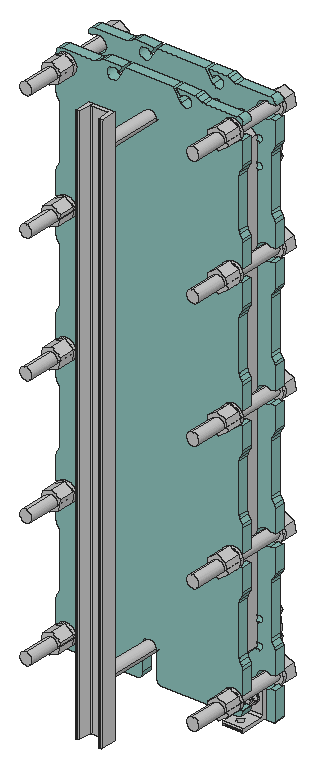
Revit family "Ekin_Endüstriyel - MIT535", category Specialty Equipment, Revit 2022 (continued)
Automatic sketch dimensions
  plane 3 "Center (Left/Right)" to Extrusion 3 sketch curve = 27.00 mm  (x2)
  Extrusion 3 sketch curve to Extrusion 3 sketch curve = 3.00 mm  (x5)
  Extrusion 3 sketch curve to Extrusion 3 sketch curve = 3.087 mm  (x2)
  Extrusion 3 sketch curve to Extrusion 3 sketch curve = 7.00 mm  (x4)
  Extrusion 3 sketch curve to Extrusion 3 sketch curve = 4.513 mm  (x4)
  Extrusion 3 sketch curve to Extrusion 3 sketch curve = 1.805 mm  (x4)
  Extrusion 3 sketch curve to plane 3 "Center (Left/Right)" = 15.195 mm  (x2)
  Extrusion 3 sketch curve to Extrusion 3 sketch curve = 1.205 mm
  Extrusion 3 sketch curve to plane 3 "Center (Left/Right)" = 16.40 mm
  Extrusion 3 sketch curve to Extrusion 3 sketch curve = 98.087 mm  (x2)
  level to Extrusion 3 sketch curve = 123.00 mm
  Extrusion 3 sketch curve to Extrusion 3 sketch curve = 2.00 mm  (x2)
  Extrusion 3 sketch curve to Extrusion 3 sketch curve = 11.986 mm  (x4)
  Extrusion 3 sketch curve to Extrusion 3 sketch curve = 2.153 mm
  Extrusion 3 sketch curve to Extrusion 3 sketch curve = 65.00 mm  (x2)
  Extrusion 3 sketch curve to Extrusion 3 sketch curve = 1070.00 mm
  Extrusion 3 sketch curve to Extrusion 3 sketch curve = 35.00 mm  (x2)
  Extrusion 3 sketch curve to Extrusion 3 sketch curve = 40.00 mm
  Extrusion 3 sketch curve to Extrusion 3 sketch curve = 5.00 mm  (x2)
  Extrusion 3 sketch curve to Extrusion 3 sketch curve = 0.861 mm  (x2)
  Extrusion 3 sketch curve to Extrusion 3 sketch curve = 21.00 mm  (x2)
  Extrusion 3 sketch curve to Extrusion 3 sketch curve = 44.00 mm  (x2)
  Extrusion 4 sketch curve to Extrusion 4 sketch curve = 0.00 mm  (x4)
  Extrusion 4 sketch curve to plane 3 "Center (Left/Right)" = 0.00 mm  (x2)
  level to Extrusion 4 sketch curve = 132.00 mm
  Extrusion 4 sketch curve to Extrusion 4 sketch curve = 1182.00 mm
  Extrusion 4 sketch curve to Extrusion 4 sketch curve = 15.00 mm  (x2)
  level to Extrusion 6 sketch curve = 44.072 mm  (x2)
  Extrusion 6 sketch curve to plane 3 "Center (Left/Right)" = 196.904 mm
  level to Extrusion 6 sketch curve = 57.01 mm  (x2)
  Extrusion 6 sketch curve to Extrusion 6 sketch curve = 6.398 mm
  level to Extrusion 6 sketch curve = 32.062 mm  (x2)
  Extrusion 6 sketch curve to Extrusion 6 sketch curve = 8.006 mm  (x2)
  level to Extrusion 6 sketch curve = 57.938 mm  (x2)
  Extrusion 6 sketch curve to Extrusion 6 sketch curve = 14.404 mm  (x2)
  level to Extrusion 6 sketch curve = 32.99 mm  (x2)
  Extrusion 6 sketch curve to Extrusion 6 sketch curve = 14.403 mm  (x2)
  level to Extrusion 6 sketch curve = 45.929 mm  (x2)
  Extrusion 6 sketch curve to Extrusion 6 sketch curve = 8.005 mm  (x2)
  plane 3 "Center (Left/Right)" to Extrusion 6 sketch curve = 168.097 mm
  Extrusion 6 sketch curve to Extrusion 6 sketch curve = 6.399 mm
  Extrusion 7 sketch curve to Extrusion 7 sketch curve = 0.00 mm  (x4)
  level to Extrusion 7 sketch curve = 44.999 mm  (x2)
  Extrusion 7 sketch curve to plane 3 "Center (Left/Right)" = 182.524 mm
  plane 3 "Center (Left/Right)" to Extrusion 7 sketch curve = 182.524 mm
  Extrusion 7 sketch curve to Extrusion 7 sketch curve = 0.115 mm  (x4)
  Extrusion 7 sketch curve to Extrusion 7 sketch curve = 15.00 mm  (x2)
  Extrusion 8 sketch curve to Extrusion 8 sketch curve = 0.00 mm  (x4)
  level to Extrusion 8 sketch curve = 45.00 mm  (x2)
  Extrusion 8 sketch curve to plane 3 "Center (Left/Right)" = 182.50 mm
  plane 3 "Center (Left/Right)" to Extrusion 8 sketch curve = 182.50 mm
  Extrusion 8 sketch curve to Extrusion 8 sketch curve = 4.437 mm  (x4)
  Extrusion 8 sketch curve to Extrusion 8 sketch curve = 6.657 mm  (x2)
  level to Extrusion 9 sketch curve = 45.929 mm
  plane 3 "Center (Left/Right)" to Extrusion 9 sketch curve = 168.097 mm
  level to Extrusion 9 sketch curve = 32.99 mm
  Extrusion 9 sketch curve to Extrusion 9 sketch curve = 6.398 mm
  level to Extrusion 9 sketch curve = 57.939 mm
  Extrusion 9 sketch curve to Extrusion 9 sketch curve = 8.006 mm  (x2)
  level to Extrusion 9 sketch curve = 32.063 mm
  Extrusion 9 sketch curve to Extrusion 9 sketch curve = 14.404 mm  (x2)
  level to Extrusion 9 sketch curve = 57.011 mm
  level to Extrusion 9 sketch curve = 44.073 mm
  Extrusion 10 sketch curve to Extrusion 10 sketch curve = 0.00 mm  (x71)
  Extrusion 10 sketch curve to plane 3 "Center (Left/Right)" = 192.912 mm  (x2)
  Extrusion 10 sketch curve to Extrusion 10 sketch curve = 43.296 mm  (x28)
  Extrusion 10 sketch curve to Extrusion 10 sketch curve = 61.229 mm  (x16)
  Extrusion 10 sketch curve to plane 3 "Center (Left/Right)" = 45.091 mm  (x4)
  plane 3 "Center (Left/Right)" to Extrusion 10 sketch curve = 45.09 mm  (x4)
  level to Extrusion 10 sketch curve = 114.09 mm  (x2)
  Extrusion 10 sketch curve to Extrusion 10 sketch curve = 922.179 mm
  Extrusion 10 sketch curve to Extrusion 10 sketch curve = 10.607 mm  (x48)
  Extrusion 10 sketch curve to Extrusion 10 sketch curve = 15.00 mm  (x16)
  Extrusion 11 sketch curve to plane 3 "Center (Left/Right)" = 207.346 mm  (x2)
  Extrusion 11 sketch curve to Extrusion 11 sketch curve = 0.492 mm  (x2)
  Extrusion 11 sketch curve to Extrusion 11 sketch curve = 3.736 mm  (x57)
  Extrusion 11 sketch curve to Extrusion 11 sketch curve = 7.217 mm  (x48)
  Extrusion 11 sketch curve to Extrusion 11 sketch curve = 10.206 mm  (x39)
  Extrusion 11 sketch curve to Extrusion 11 sketch curve = 13.942 mm  (x64)
  Extrusion 11 sketch curve to Extrusion 11 sketch curve = 14.434 mm  (x32)
  Extrusion 11 sketch curve to Extrusion 11 sketch curve = 22.137 mm  (x12)
  Extrusion 11 sketch curve to Extrusion 11 sketch curve = 27.06 mm  (x4)
  Extrusion 11 sketch curve to Extrusion 11 sketch curve = 12.50 mm  (x48)
  Extrusion 11 sketch curve to Extrusion 11 sketch curve = 33.345 mm  (x4)
  Extrusion 11 sketch curve to Extrusion 11 sketch curve = 36.229 mm  (x4)
  Extrusion 11 sketch curve to Extrusion 11 sketch curve = 25.126 mm  (x4)
  Extrusion 11 sketch curve to Extrusion 11 sketch curve = 16.854 mm  (x12)
  plane 3 "Center (Left/Right)" to Extrusion 11 sketch curve = 30.656 mm  (x2)
  plane 3 "Center (Left/Right)" to Extrusion 11 sketch curve = 31.148 mm  (x2)
  level to Extrusion 11 sketch curve = 99.656 mm  (x2)
  Extrusion 11 sketch curve to Extrusion 11 sketch curve = 0.00 mm  (x5)
  Extrusion 11 sketch curve to Extrusion 11 sketch curve = 34.787 mm  (x8)
  Extrusion 11 sketch curve to Extrusion 11 sketch curve = 893.804 mm
  Extrusion 12 sketch curve to Extrusion 12 sketch curve = 0.00 mm  (x4)
  Extrusion 12 sketch curve to plane 3 "Center (Left/Right)" = 0.00 mm  (x2)
  level to Extrusion 12 sketch curve = 132.00 mm
  Extrusion 12 sketch curve to Extrusion 12 sketch curve = 1182.00 mm
  Extrusion 12 sketch curve to plane 3 "Center (Left/Right)" = 9.00 mm  (x2)
  Extrusion 13 sketch curve to plane 8 "3" = 0.00 mm
  Extrusion 13 sketch curve to plane 3 "Center (Left/Right)" = 32.501 mm
  Extrusion 13 sketch curve to Extrusion 13 sketch curve = 3.00 mm  (x3)
  Extrusion 13 sketch curve to Extrusion 13 sketch curve = 1.794 mm  (x2)
  Extrusion 13 sketch curve to Extrusion 13 sketch curve = 2.984 mm  (x2)
  Extrusion 13 sketch curve to plane 8 "3" = 6.00 mm
  Extrusion 13 sketch curve to Extrusion 13 sketch curve = 13.716 mm
  Extrusion 13 sketch curve to plane 8 "3" = 9.00 mm
  plane 3 "Center (Left/Right)" to Extrusion 13 sketch curve = 18.785 mm
  Extrusion 13 sketch curve to plane 8 "3" = 8.622 mm
  plane 3 "Center (Left/Right)" to Extrusion 13 sketch curve = 24.721 mm
  Extrusion 13 sketch curve to Extrusion 13 sketch curve = 31.00 mm
  Extrusion 13 sketch curve to Extrusion 13 sketch curve = 0.00 mm  (x2)
  Extrusion 13 sketch curve to plane 8 "3" = 8.692 mm
  Extrusion 13 sketch curve to Extrusion 13 sketch curve = 2.985 mm
  Extrusion 13 sketch curve to Extrusion 13 sketch curve = 0.001 mm
  Extrusion 14 sketch curve to Extrusion 14 sketch curve = 0.00 mm  (x20)
  Extrusion 14 sketch curve to plane 3 "Center (Left/Right)" = 207.50 mm  (x5)
  level to Extrusion 14 sketch curve = 88.00 mm  (x2)
  plane 3 "Center (Left/Right)" to Extrusion 14 sketch curve = 207.50 mm  (x5)
  Extrusion 14 sketch curve to Extrusion 14 sketch curve = 317.50 mm  (x8)
  Extrusion 14 sketch curve to Extrusion 14 sketch curve = 1.233 mm  (x20)
  Extrusion 14 sketch curve to Extrusion 14 sketch curve = 24.97 mm  (x10)
  Extrusion 15 sketch curve to Extrusion 2 = 0.832 mm  (x10)
  Extrusion 2 to Extrusion 15 sketch curve = 0.467 mm  (x20)
  Extrusion 15 sketch curve to Extrusion 2 = 4.00 mm  (x10)
  Extrusion 15 sketch curve to Extrusion 2 = 11.832 mm  (x10)
  Extrusion 15 sketch curve to Extrusion 2 = 18.168 mm  (x10)
  Extrusion 15 sketch curve to Extrusion 2 = 5.922 mm  (x2)
  Extrusion 15 sketch curve to Extrusion 15 sketch curve = 24.168 mm  (x5)
  Extrusion 2 to Extrusion 15 sketch curve = 5.955 mm  (x20)
  Extrusion 15 sketch curve to Extrusion 15 sketch curve = 21.00 mm  (x4)
  Extrusion 15 sketch curve to Extrusion 15 sketch curve = 3.168 mm  (x6)
  Extrusion 15 sketch curve to Extrusion 2 = 39.168 mm  (x5)
  Extrusion 15 sketch curve to Extrusion 2 = 6.922 mm  (x2)
  Extrusion 15 sketch curve to Extrusion 2 = 9.828 mm  (x16)
  Extrusion 16 sketch curve to Extrusion 16 sketch curve = 0.00 mm  (x20)
  Extrusion 16 sketch curve to Extrusion 2 = 15.00 mm  (x10)
  Extrusion 2 to Extrusion 16 sketch curve = 16.25 mm  (x10)
  Extrusion 16 sketch curve to Extrusion 2 = 13.767 mm  (x9)
  Extrusion 16 sketch curve to Extrusion 2 = 16.232 mm  (x10)
  Extrusion 16 sketch curve to Extrusion 2 = 7.03 mm  (x2)
  Extrusion 16 sketch curve to Extrusion 2 = 8.72 mm  (x7)
  Extrusion 16 sketch curve to Extrusion 2 = 8.031 mm
  Extrusion 16 sketch curve to Extrusion 2 = 8.03 mm
  Extrusion 17 sketch curve to plane 3 "Center (Left/Right)" = 231.668 mm  (x5)
  level to Extrusion 17 sketch curve = 77.705 mm  (x2)
  Extrusion 17 sketch curve to Extrusion 17 sketch curve = 3.168 mm  (x15)
  level to Extrusion 17 sketch curve = 103.783 mm  (x2)
  Extrusion 17 sketch curve to Extrusion 17 sketch curve = 21.00 mm  (x15)
  level to Extrusion 17 sketch curve = 61.922 mm  (x2)
  Extrusion 17 sketch curve to Extrusion 17 sketch curve = 24.168 mm  (x20)
  level to Extrusion 17 sketch curve = 72.217 mm  (x2)
  plane 3 "Center (Left/Right)" to Extrusion 17 sketch curve = 183.332 mm  (x5)
  Extrusion 17 sketch curve to Extrusion 17 sketch curve = 26.078 mm  (x18)
  Extrusion 17 sketch curve to Extrusion 17 sketch curve = 10.295 mm  (x14)
  Extrusion 17 sketch curve to Extrusion 17 sketch curve = 265.345 mm  (x8)
  Extrusion 17 sketch curve to Extrusion 17 sketch curve = 15.783 mm  (x12)
  Extrusion 19 sketch curve to Extrusion 19 sketch curve = 0.00 mm  (x107)
  Extrusion 19 sketch curve to plane 3 "Center (Left/Right)" = 192.91 mm  (x2)
  Extrusion 19 sketch curve to Extrusion 19 sketch curve = 43.296 mm  (x24)
  Extrusion 19 sketch curve to Extrusion 19 sketch curve = 30.615 mm  (x7)
  Extrusion 19 sketch curve to Extrusion 19 sketch curve = 61.229 mm  (x16)
  Extrusion 19 sketch curve to plane 3 "Center (Left/Right)" = 45.09 mm  (x4)
  plane 3 "Center (Left/Right)" to Extrusion 19 sketch curve = 45.09 mm  (x4)
  level to Extrusion 19 sketch curve = 114.09 mm  (x2)
  Extrusion 19 sketch curve to Extrusion 19 sketch curve = 73.91 mm
  Extrusion 19 sketch curve to Extrusion 19 sketch curve = 922.179 mm
  Extrusion 19 sketch curve to Extrusion 19 sketch curve = 6.364 mm  (x24)
  Extrusion 19 sketch curve to Extrusion 19 sketch curve = 13.099 mm  (x2)
  Extrusion 19 sketch curve to Extrusion 19 sketch curve = 9.00 mm  (x16)
  Extrusion 19 sketch curve to Extrusion 19 sketch curve = 1.382 mm  (x8)
  Extrusion 19 sketch curve to Extrusion 19 sketch curve = 27.56 mm  (x2)
  Extrusion 19 sketch curve to Extrusion 19 sketch curve = 36.56 mm  (x4)
  Extrusion 19 sketch curve to Extrusion 19 sketch curve = 2.265 mm  (x4)
  Extrusion 19 sketch curve to Extrusion 19 sketch curve = 32.914 mm  (x4)
  plane 3 "Center (Left/Right)" to Extrusion 20 sketch curve = 182.50 mm
  Extrusion 20 sketch curve to Extrusion 20 sketch curve = 25.00 mm  (x2)
  Extrusion 20 sketch curve to plane 3 "Center (Left/Right)" = 157.50 mm
  Extrusion 20 sketch curve to Extrusion 20 sketch curve = 9.00 mm  (x2)
  Extrusion 21 sketch curve to Extrusion 21 sketch curve = 0.00 mm  (x15)
  Extrusion 21 sketch curve to level = 0.00 mm  (x2)
  Extrusion 21 sketch curve to plane 4 = 1392.50 mm
  Extrusion 21 sketch curve to Extrusion 21 sketch curve = 15.00 mm
  Extrusion 21 sketch curve to plane 4 = 1367.50 mm
  Extrusion 21 sketch curve to Extrusion 21 sketch curve = 10.00 mm  (x3)
  Extrusion 21 sketch curve to Extrusion 21 sketch curve = 25.00 mm  (x2)
  Extrusion 21 sketch curve to Extrusion 21 sketch curve = 73.93 mm
  Extrusion 21 sketch curve to Extrusion 21 sketch curve = 50.00 mm  (x2)
  Extrusion 21 sketch curve to Extrusion 21 sketch curve = 14.571 mm
  Extrusion 21 sketch curve to Extrusion 21 sketch curve = 88.50 mm
  Extrusion 21 sketch curve to Extrusion 21 sketch curve = 17.321 mm  (x2)
  Extrusion 21 sketch curve to Extrusion 21 sketch curve = 33.50 mm
  Extrusion 21 sketch curve to Extrusion 21 sketch curve = 26.25 mm  (x2)
  Extrusion 21 sketch curve to Extrusion 21 sketch curve = 99.00 mm
  Extrusion 21 sketch curve to Extrusion 21 sketch curve = 90.00 mm
  Extrusion 21 sketch curve to plane 4 = 1070.00 mm
  Extrusion 21 sketch curve to plane 4 = 1061.00 mm
  Extrusion 21 sketch curve to plane 4 = 1041.00 mm  (x2)
  Extrusion 21 sketch curve to plane 4 = 1027.50 mm
  Extrusion 21 sketch curve to plane 4 = 977.50 mm
  Extrusion 21 sketch curve to plane 4 = 952.50 mm  (x5)
  level to Extrusion 21 sketch curve = 27.50 mm  (x2)
  level to Extrusion 21 sketch curve = 45.00 mm  (x2)
  Extrusion 21 sketch curve to Extrusion 21 sketch curve = 27.50 mm  (x2)
  Extrusion 21 sketch curve to Extrusion 21 sketch curve = 43.00 mm  (x2)
  Extrusion 21 sketch curve to Extrusion 21 sketch curve = 77.00 mm
  Extrusion 21 sketch curve to Extrusion 21 sketch curve = 56.00 mm  (x3)
  Extrusion 21 sketch curve to Extrusion 21 sketch curve = 217.50 mm  (x3)
  Extrusion 21 sketch curve to Extrusion 21 sketch curve = 317.50 mm  (x4)
  Extrusion 21 sketch curve to Extrusion 21 sketch curve = 100.00 mm  (x2)
  Extrusion 21 sketch curve to Extrusion 21 sketch curve = 17.00 mm  (x2)
  Extrusion 21 sketch curve to Extrusion 21 sketch curve = 12.50 mm  (x2)
  Extrusion 21 sketch curve to Extrusion 21 sketch curve = 40.00 mm  (x4)
  Extrusion 21 sketch curve to Extrusion 21 sketch curve = 6.25 mm  (x2)
  Extrusion 22 sketch curve to Extrusion 22 sketch curve = 0.00 mm  (x28)
  Extrusion 22 sketch curve to plane 4 = 927.50 mm
  Extrusion 22 sketch curve to Extrusion 22 sketch curve = 15.00 mm  (x5)
  Extrusion 22 sketch curve to plane 4 = 952.50 mm  (x3)
  Extrusion 22 sketch curve to Extrusion 22 sketch curve = 25.00 mm
  Extrusion 22 sketch curve to Extrusion 22 sketch curve = 10.00 mm  (x3)
  Extrusion 22 sketch curve to plane 4 = 1026.429 mm
  Extrusion 22 sketch curve to Extrusion 22 sketch curve = 17.321 mm  (x2)
  Extrusion 22 sketch curve to Extrusion 22 sketch curve = 26.25 mm  (x2)
  Extrusion 22 sketch curve to plane 4 = 1159.961 mm
  Extrusion 22 sketch curve to Extrusion 22 sketch curve = 90.00 mm  (x2)
  Extrusion 22 sketch curve to Extrusion 22 sketch curve = 207.50 mm
  level to Extrusion 22 sketch curve = 88.00 mm  (x2)
  Extrusion 22 sketch curve to Extrusion 22 sketch curve = 207.539 mm
  Extrusion 22 sketch curve to Extrusion 22 sketch curve = 73.93 mm
  Extrusion 22 sketch curve to Extrusion 22 sketch curve = 33.00 mm  (x2)
  level to Extrusion 22 sketch curve = 133.013 mm
  Extrusion 22 sketch curve to Extrusion 22 sketch curve = 317.50 mm  (x6)
  Extrusion 22 sketch curve to Extrusion 22 sketch curve = 273.50 mm
  Extrusion 22 sketch curve to Extrusion 22 sketch curve = 44.00 mm  (x2)
  Extrusion 22 sketch curve to Extrusion 22 sketch curve = 16.944 mm  (x2)
  Extrusion 22 sketch curve to Extrusion 22 sketch curve = 0.056 mm  (x2)
  Extrusion 22 sketch curve to Extrusion 22 sketch curve = 12.50 mm  (x2)
  Extrusion 22 sketch curve to Extrusion 22 sketch curve = 21.00 mm  (x9)
  Extrusion 22 sketch curve to Extrusion 22 sketch curve = 4.00 mm
  Extrusion 23 sketch curve to plane 4 = 975.00 mm
  Extrusion 23 sketch curve to plane 4 = 1005.00 mm  (x2)
  Extrusion 23 sketch curve to Extrusion 23 sketch curve = 128.00 mm  (x4)
  Extrusion 23 sketch curve to Extrusion 23 sketch curve = 2.675 mm  (x2)
  Extrusion 23 sketch curve to Extrusion 23 sketch curve = 13.17 mm  (x4)
  Extrusion 23 sketch curve to Extrusion 23 sketch curve = 27.66 mm  (x2)
  Extrusion 23 sketch curve to Extrusion 23 sketch curve = 10.495 mm  (x2)
  level to Extrusion 23 sketch curve = 153.00 mm  (x2)
  Extrusion 23 sketch curve to Extrusion 23 sketch curve = 30.00 mm  (x2)
  level to Extrusion 23 sketch curve = 148.00 mm
  Extrusion 23 sketch curve to Extrusion 23 sketch curve = 22.00 mm  (x4)
  Extrusion 23 sketch curve to Extrusion 23 sketch curve = 3.00 mm  (x3)
  Extrusion 23 sketch curve to Extrusion 23 sketch curve = 1140.00 mm
  Extrusion 23 sketch curve to Extrusion 23 sketch curve = 0.00 mm
  Extrusion 23 sketch curve to Extrusion 23 sketch curve = 5.00 mm
  Extrusion 24 sketch curve to Extrusion 24 sketch curve = 0.00 mm  (x49)
  Extrusion 24 sketch curve to plane 4 = 1279.00 mm  (x2)
  Extrusion 24 sketch curve to plane 4 = 1041.00 mm  (x2)
  level to Extrusion 24 sketch curve = 188.00 mm  (x2)
  Extrusion 24 sketch curve to Extrusion 24 sketch curve = 1070.00 mm
  Extrusion 24 sketch curve to Extrusion 24 sketch curve = 31.997 mm  (x10)
  Extrusion 24 sketch curve to Extrusion 24 sketch curve = 35.179 mm  (x6)
  Extrusion 24 sketch curve to Extrusion 24 sketch curve = 67.175 mm  (x4)
  Extrusion 24 sketch curve to plane 4 = 1009.003 mm  (x2)
  Extrusion 24 sketch curve to plane 4 = 973.825 mm  (x2)
  plane 5 to Extrusion 25 sketch curve = 767.50 mm
  plane 5 to Extrusion 25 sketch curve = 792.50 mm  (x3)
  Extrusion 25 sketch curve to Extrusion 25 sketch curve = 25.00 mm  (x5)
  Extrusion 25 sketch curve to Extrusion 25 sketch curve = 142.50 mm
  plane 5 to Extrusion 25 sketch curve = 1000.00 mm  (x2)
  plane 5 to Extrusion 25 sketch curve = 1090.00 mm
  plane 5 to Extrusion 25 sketch curve = 1207.50 mm  (x3)
  Extrusion 25 sketch curve to Extrusion 25 sketch curve = 50.00 mm
  level to Extrusion 25 sketch curve = 45.00 mm  (x2)
  Extrusion 25 sketch curve to Extrusion 25 sketch curve = 43.00 mm  (x2)
  Extrusion 25 sketch curve to Extrusion 25 sketch curve = 317.50 mm  (x6)
  Extrusion 25 sketch curve to Extrusion 25 sketch curve = 42.00 mm  (x2)
  Extrusion 25 sketch curve to Extrusion 25 sketch curve = 6.25 mm  (x2)
  level to Extrusion 26 sketch curve = 55.00 mm
  plane 5 to Extrusion 26 sketch curve = 1232.50 mm
  plane 5 to Extrusion 26 sketch curve = 1207.50 mm  (x3)
  Extrusion 26 sketch curve to Extrusion 26 sketch curve = 25.00 mm  (x2)
  Extrusion 26 sketch curve to Extrusion 26 sketch curve = 142.50 mm
  plane 5 to Extrusion 26 sketch curve = 1000.039 mm
  plane 5 to Extrusion 26 sketch curve = 1000.00 mm
  plane 5 to Extrusion 26 sketch curve = 910.00 mm
  plane 5 to Extrusion 26 sketch curve = 792.50 mm  (x4)
  level to Extrusion 26 sketch curve = 88.00 mm
  Extrusion 26 sketch curve to Extrusion 26 sketch curve = 33.00 mm  (x2)
  level to Extrusion 26 sketch curve = 133.013 mm
  Extrusion 26 sketch curve to Extrusion 26 sketch curve = 317.50 mm  (x6)
  Extrusion 26 sketch curve to Extrusion 26 sketch curve = 273.50 mm
  Extrusion 26 sketch curve to Extrusion 26 sketch curve = 44.00 mm
  Extrusion 26 sketch curve to Extrusion 26 sketch curve = 42.00 mm  (x2)
  Extrusion 26 sketch curve to Extrusion 26 sketch curve = 21.00 mm  (x9)
  Extrusion 26 sketch curve to Extrusion 26 sketch curve = 15.00 mm  (x2)
  plane 5 to Extrusion 26 sketch curve = 1015.00 mm
  plane 5 to Extrusion 27 sketch curve = 1185.00 mm
  plane 5 to Extrusion 27 sketch curve = 1027.00 mm  (x2)
  plane 5 to Extrusion 27 sketch curve = 973.00 mm  (x2)
  Extrusion 27 sketch curve to Extrusion 27 sketch curve = 158.00 mm
  Extrusion 27 sketch curve to Extrusion 27 sketch curve = 0.00 mm  (x2)
  Extrusion 28 sketch curve to Extrusion 28 sketch curve = 0.00 mm  (x7)
  plane 5 to Extrusion 28 sketch curve = 1051.825 mm  (x2)
  Extrusion 28 sketch curve to Extrusion 28 sketch curve = 67.175 mm  (x11)
  Extrusion 25 sketch curve to Extrusion 25 sketch curve = 273.50 mm
  Extrusion 25 sketch curve to level = 0.00 mm
  level to Extrusion 25 sketch curve = 132.00 mm
  Extrusion 25 sketch curve to Extrusion 25 sketch curve = 44.00 mm
  plane 5 to Extrusion 25 sketch curve = 1182.50 mm
  Extrusion 25 sketch curve to Extrusion 25 sketch curve = 63.50 mm
  Extrusion 25 sketch curve to Extrusion 25 sketch curve = 22.50 mm
  Extrusion 27 sketch curve to Extrusion 27 sketch curve = 25.00 mm  (x2)
  level to Extrusion 27 sketch curve = 123.00 mm
  Extrusion 27 sketch curve to Extrusion 27 sketch curve = 1150.00 mm
  plane 5 to Extrusion 28 sketch curve = 881.00 mm  (x2)
  Extrusion 28 sketch curve to Extrusion 28 sketch curve = 1002.825 mm
  plane 5 to Extrusion 28 sketch curve = 948.175 mm  (x2)
  level to Extrusion 28 sketch curve = 188.00 mm
  Extrusion 26 sketch curve to Extrusion 26 sketch curve = 22.50 mm
  Extrusion 26 sketch curve to Extrusion 26 sketch curve = 4.00 mm  (x2)
  Extrusion 26 sketch curve to Extrusion 26 sketch curve = 127.50 mm
  Extrusion 26 sketch curve to Extrusion 26 sketch curve = 63.50 mm
  Extrusion 5 sketch curve to Extrusion 5 sketch curve = 0.00 mm  (x20)
  Extrusion 5 sketch curve to plane 3 "Center (Left/Right)" = 207.50 mm  (x5)
  level to Extrusion 5 sketch curve = 88.00 mm  (x2)
  plane 3 "Center (Left/Right)" to Extrusion 5 sketch curve = 207.50 mm  (x5)
  Extrusion 5 sketch curve to Extrusion 5 sketch curve = 317.50 mm  (x8)
  Extrusion 5 sketch curve to Extrusion 5 sketch curve = 1.809 mm  (x20)
  Extrusion 5 sketch curve to Extrusion 5 sketch curve = 14.891 mm  (x10)
  Extrusion 29 sketch curve to Extrusion 29 sketch curve = 2.00 mm  (x2)
  Extrusion 29 sketch curve to plane 7 "1" = 12.50 mm
  Extrusion 29 sketch curve to plane 7 "1" = 7.50 mm
  Extrusion 29 sketch curve to Extrusion 29 sketch curve = 3.00 mm
  Extrusion 29 sketch curve to Extrusion 29 sketch curve = 1.00 mm
  Extrusion 29 sketch curve to Extrusion 29 sketch curve = 3.50 mm
  Extrusion 29 sketch curve to Extrusion 29 sketch curve = 54.50 mm
  radius of Extrusion 19 sketch curve = 9.00 mm  (x8)
  radius of Extrusion 21 sketch curve = 12.00 mm  (x2)
  radius of Extrusion 21 sketch curve = 21.00 mm  (x10)
  radius of Extrusion 21 sketch curve = 15.00 mm  (x2)
  radius of Extrusion 22 sketch curve = 16.544 mm
  radius of Extrusion 25 sketch curve = 12.00 mm  (x2)
  radius of Extrusion 25 sketch curve = 21.00 mm  (x10)
  radius of Extrusion 25 sketch curve = 15.00 mm  (x2)
  radius of Extrusion 26 sketch curve = 16.544 mm
Connectors
  piping at (119, 17, 1258), diameter 76.2
    settings: on Extrusion 19, index 1, connector inside diameter 609.6 mm, connector length 0.00 mm, flow factor 0, pipe flow 0.0 L/s, pressure drop 0 bar, fitting loss kfactor 0, connector angle 0.00°, fixture units 0, engagement length 0.00 mm, angle of deflection 0.00°, flow configuration 0, flow direction 1, fitting loss method 0, system type 7, joint type 0, gender type 0, connector reference index -1, connector utility 0, adjustable connector no, is connector primary yes, connector description ""
  piping at (-119, 17, 1258), diameter 76.2
    settings: on Extrusion 19, index 2, connector inside diameter 609.6 mm, connector length 0.00 mm, flow factor 0, pipe flow 0.0 L/s, pressure drop 0 bar, fitting loss kfactor 0, connector angle 0.00°, fixture units 0, engagement length 0.00 mm, angle of deflection 0.00°, flow configuration 0, flow direction 2, fitting loss method 0, system type 7, joint type 0, gender type 0, connector reference index -1, connector utility 0, adjustable connector no, is connector primary no, connector description ""
  piping at (119, 17, 188), diameter 76.2
    settings: on Extrusion 19, index 3, connector inside diameter 609.6 mm, connector length 0.00 mm, flow factor 0, pipe flow 0.0 L/s, pressure drop 0 bar, fitting loss kfactor 0, connector angle 0.00°, fixture units 0, engagement length 0.00 mm, angle of deflection 0.00°, flow configuration 0, flow direction 2, fitting loss method 0, system type 7, joint type 0, gender type 0, connector reference index -1, connector utility 0, adjustable connector no, is connector primary no, connector description ""
  piping at (-119, 17, 188), diameter 76.2
    settings: on Extrusion 19, index 4, connector inside diameter 609.6 mm, connector length 0.00 mm, flow factor 0, pipe flow 0.0 L/s, pressure drop 0 bar, fitting loss kfactor 0, connector angle 0.00°, fixture units 0, engagement length 0.00 mm, angle of deflection 0.00°, flow configuration 0, flow direction 1, fitting loss method 0, system type 7, joint type 0, gender type 0, connector reference index -1, connector utility 0, adjustable connector no, is connector primary no, connector description ""
